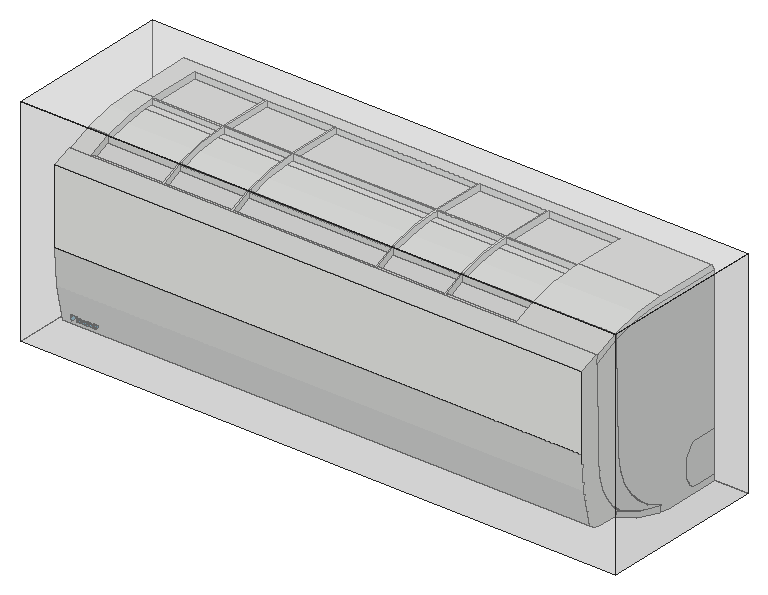
Revit family "outputfile", category 機械設備, Revit 2024
Family settings
  丸型コネクタ寸法 = 半径を使用
  パーツ タイプ = 標準
  OmniClass 番号 = 23.75.10.24.21.27.27
  OmniClass タイトル = Split System Air Conditioning Units
  作業面ベース = いいえ
  常に垂直 = はい
  ロード時にボイドで切り取り = いいえ
  注釈の向きを維持 = いいえ
  共有 = いいえ
  部屋計算ポイント = いいえ
Parameters (values of type "FTKC25TVM4")
  Description = ""
  書き出し IFC クラス(タイプ) = "IfcUnitaryEquipmentType"
  定義済み IFC タイプ(タイプ) = "AIRCONDITIONINGUNIT"
  Cost = 0
  Type Comments = ""
  Keynote = ""
  Type Image = (empty or 0)
  Assembly Code = ""
  w_wall hole = if(Width = 770.0 mm, 48.0 mm, 60.0 mm)  # 48.0 mm
  製造元 = "Daikin"
  モデル = "FTKC25TVM4"
  switch_frequency = yes
  r_Liquid Pipe Size = Liquid Pipe Size / 2  # 3.2 mm
  r_Gas Pipe Size = Gas Pipe Size / 2  # 4.75 mm
  r_Drain Pipe Size = Drain Pipe Size / 2  # 8.0 mm
  lw_powersupply [instance] = if(Width = 770.0 mm, if(or(Rear Right Connection_refrigerant, Bottom Right Connection_refrigerant), 30.0 mm, if(or(Rear Left Connection_refrigerant, Bottom Left Connection_refrigerant), 740.0 mm, 385.0 mm)), if(Width = 990.0 mm, if(or(Rear Right Connection_refrigerant, Bottom Right Connection_refrigerant), 80.0 mm, if(or(Rear Left Connection_refrigerant, Bottom Left Connection_refrigerant), 920.0 mm, 495.0 mm)), if(or(Rear Right Connection_refrigerant, Bottom Right Connection_refrigerant), 80.0 mm, if(or(Rear Left Connection_refrigerant, Bottom Left Connection_refrigerant), 920.0 mm, 495.0 mm))))  # 385.0 mm
  lw_liquidpipe [instance] = if(Width = 770.0 mm, if(or(Rear Right Connection_refrigerant, Bottom Right Connection_refrigerant), 0.0 mm, if(or(Rear Left Connection_refrigerant, Bottom Left Connection_refrigerant), 674.0 mm, 400.0 mm)), if(Width = 990.0 mm, if(or(Rear Right Connection_refrigerant, Bottom Right Connection_refrigerant), 9.0 mm, if(or(Rear Left Connection_refrigerant, Bottom Left Connection_refrigerant), 871.0 mm, 475.0 mm)), if(or(Rear Right Connection_refrigerant, Bottom Right Connection_refrigerant), 9.0 mm, if(or(Rear Left Connection_refrigerant, Bottom Left Connection_refrigerant), 871.0 mm, 475.0 mm))))  # 400.0 mm
  lw_gaspipe [instance] = if(Width = 770.0 mm, if(or(Rear Right Connection_refrigerant, Bottom Right Connection_refrigerant), 0.0 mm, if(or(Rear Left Connection_refrigerant, Bottom Left Connection_refrigerant), 674.0 mm, 350.0 mm)), if(Width = 990.0 mm, if(or(Rear Right Connection_refrigerant, Bottom Right Connection_refrigerant), 0.0 mm, if(or(Rear Left Connection_refrigerant, Bottom Left Connection_refrigerant), 880.0 mm, 400.0 mm)), if(or(Rear Right Connection_refrigerant, Bottom Right Connection_refrigerant), 0.0 mm, if(or(Rear Left Connection_refrigerant, Bottom Left Connection_refrigerant), 880.0 mm, 400.0 mm))))  # 350.0 mm
  lw_drainpipe [instance] = if(Width = 770.0 mm, if(or(Rear Right Connection_refrigerant, Bottom Right Connection_refrigerant), 0.0 mm, if(or(Rear Left Connection_refrigerant, Bottom Left Connection_refrigerant), 674.0 mm, 465.0 mm)), if(Width = 990.0 mm, if(or(Rear Right Connection_refrigerant, Bottom Right Connection_refrigerant), 0.0 mm, if(or(Rear Left Connection_refrigerant, Bottom Left Connection_refrigerant), 880.0 mm, 435.0 mm)), if(or(Rear Right Connection_refrigerant, Bottom Right Connection_refrigerant), 0.0 mm, if(or(Rear Left Connection_refrigerant, Bottom Left Connection_refrigerant), 880.0 mm, 435.0 mm))))  # 465.0 mm
  l_powersupply_length [instance] = if(Width = 770.0 mm, if(Right Connection_refrigerant, 385.0 mm, if(Left Connection_refrigerant, 385.0 mm, if(or(Rear Left Connection_refrigerant, Rear Right Connection_refrigerant), 15.0 mm, 50.0 mm))), if(Width = 990.0 mm, if(Right Connection_refrigerant, 495.0 mm, if(Left Connection_refrigerant, 495.0 mm, if(or(Rear Left Connection_refrigerant, Rear Right Connection_refrigerant), 15.0 mm, 50.0 mm))), if(Right Connection_refrigerant, 495.0 mm, if(Left Connection_refrigerant, 495.0 mm, if(or(Rear Left Connection_refrigerant, Rear Right Connection_refrigerant), 15.0 mm, 50.0 mm)))))  # 385.0 mm
  l_liquidpipe_length [instance] = if(Width = 770.0 mm, if(Right Connection_refrigerant, 448.0 mm, if(Left Connection_refrigerant, 322.0 mm, if(or(Rear Left Connection_refrigerant, Rear Right Connection_refrigerant), 30.0 mm, 40.0 mm))), if(Width = 990.0 mm, if(Right Connection_refrigerant, 535.0 mm, if(Left Connection_refrigerant, 455.0 mm, if(or(Rear Left Connection_refrigerant, Rear Right Connection_refrigerant), 30.0 mm, 40.0 mm))), if(Right Connection_refrigerant, 535.0 mm, if(Left Connection_refrigerant, 455.0 mm, if(or(Rear Left Connection_refrigerant, Rear Right Connection_refrigerant), 30.0 mm, 40.0 mm)))))  # 448.0 mm
  l_gaspipe_length [instance] = if(Width = 770.0 mm, if(Right Connection_refrigerant, 398.0 mm, if(Left Connection_refrigerant, 372.0 mm, if(or(Rear Left Connection_refrigerant, Rear Right Connection_refrigerant), 40.0 mm, 50.0 mm))), if(Width = 990.0 mm, if(Right Connection_refrigerant, 460.0 mm, if(Left Connection_refrigerant, 530.0 mm, if(or(Rear Left Connection_refrigerant, Rear Right Connection_refrigerant), 40.0 mm, 50.0 mm))), if(Right Connection_refrigerant, 460.0 mm, if(Left Connection_refrigerant, 530.0 mm, if(or(Rear Left Connection_refrigerant, Rear Right Connection_refrigerant), 40.0 mm, 50.0 mm)))))  # 398.0 mm
  l_drainpipe_length [instance] = if(Width = 770.0 mm, if(Right Connection_refrigerant, 513.0 mm, if(Left Connection_refrigerant, 257.0 mm, if(or(Rear Left Connection_refrigerant, Rear Right Connection_refrigerant), 15.0 mm, 20.0 mm))), if(Width = 990.0 mm, if(Right Connection_refrigerant, 495.0 mm, if(Left Connection_refrigerant, 495.0 mm, if(or(Rear Left Connection_refrigerant, Rear Right Connection_refrigerant), 15.0 mm, 20.0 mm))), if(Right Connection_refrigerant, 495.0 mm, if(Left Connection_refrigerant, 495.0 mm, if(or(Rear Left Connection_refrigerant, Rear Right Connection_refrigerant), 15.0 mm, 20.0 mm)))))  # 513.0 mm
  h*** = 0.0 mm  # constant formula
  connector_voltage = Voltage_50Hz  # 230 V
  connector_powerinput = [Power Input (Cooling)]  # 0.000 kW
  connector_phase = Phase_50Hz  # 1
  angle_vertical [instance] = if(or(Bottom Left Connection_refrigerant, Bottom Right Connection_refrigerant), 0.00°, 90.00°)  # 90.00°
  angle_horizontal [instance] = if(Right Connection_refrigerant, 90.00°, if(Left Connection_refrigerant, -90.00°, if(or(Rear Left Connection_refrigerant, Rear Right Connection_refrigerant), 180.00°, 0.00°)))  # 90.00°
  Width = 770.0 mm
  Voltage_comment_50Hz = "220 - 240"
  Voltage_50Hz = 230 V
  Version = "ver.1.0"
  Unit Type = "Wall Mounted"
  Unit Mass Weight = 8.00 kg
  Unit Designation [instance] = ""
  Uniclass2015Version = "Products v1.30"
  Uniclass2015Title = "Split coil room air conditioning units"
  Uniclass2015Code = "Pr_70_65_03_86"
  URL = ""
  Total Cooling Capacity [instance] = 0.000 kW
  Sound Pressure Level_M speed (dBA) = 33
  Sound Pressure Level_L speed (dBA) = 25
  Sound Pressure Level_H speed (dBA) = 38
  Sound Power Level_H speed (dB) = 0
  Series = "Single Split_Fan Coil Unit"
  Sensible Cooling Capacity [instance] = 0.000 kW
  Refrigerant Type = "R32"
  Power Input (Cooling) = 0.000 kW
  Phase_50Hz = 1
  Option Accessory 3 [instance] = ""
  Option Accessory 2 [instance] = ""
  Option Accessory 1 [instance] = ""
  Nominal Cooling Capacity = 2.500 kW
  Minimum Circuit Amps_50Hz = 0.0 A
  Minimum Airflow = 324.00 m³/h
  Median Airflow = 456.00 m³/h
  Maximum Fuse Amps_50Hz = 0.0 A
  Maximum Airflow = 564.00 m³/h
  Material_Casing = DAIKIN_PureWhite_Casing_indoorunit
  Load Classification = HVAC
  Liquid Pipe Size = 6.4 mm
  Link_Nested Family [instance] = ""
  IfcVersion = ""
  IfcExportType = "AIRCONDITIONINGUNIT"
  IfcExportAs = "IfcUnitaryEquipmentType"
  Height = 285.0 mm
  Heat Exchanger Type = "Cross Fin Coil"
  Gas Pipe Size = 9.5 mm
  Frequency_50Hz = 50 Hz
  Fan Type = "Cross Flow Fan"
  Fan Drive = "Direct Drive"
  FCU Tag No. [instance] = ""
  Drain Pipe Size = 16.0 mm
  Design Supply Airflow [instance] = 0.00 m³/h
  Depth = 242.0 mm
  既定の高さ = 0.0 mm
  Cooling Entering Wet Bulb Temperature [instance] = 0.00 °C
  Cooling Entering Dry Bulb Temperature [instance] = 0.00 °C
  Cooling Ambient Wet Bulb Temperature [instance] = 0.00 °C
  Cooling Ambient Dry Bulb Temperature [instance] = 0.00 °C
  Clearance visibility [instance] = yes
  Clearance Top = 30.0 mm
  Clearance Right = 50.0 mm
  Clearance Rear = 0.0 mm
  Clearance Left = 50.0 mm
  Clearance Front = 0.0 mm
  Clearance Bottom = 0.0 mm
  Bottom Right Connection_refrigerant [instance] = no
  Bottom Left Connection_refrigerant [instance] = no
  Rear Right Connection_refrigerant [instance] = no
  Rear Left Connection_refrigerant [instance] = no
  Right Connection_refrigerant [instance] = yes
  Left Connection_refrigerant [instance] = no
Reference planes
  plane 1 "Back": y = 0
  plane 2: z = 0
  plane 3 "Center (Left/Right)": x = 0
  plane 4 "Center (Front/Back)": y = -121
  plane 5 "Front": y = -242
  plane 6 "Left": x = -385
  plane 7 "Right": x = 385
  plane 8 "Top": z = 0
  plane 9 "Bottom": z = -285
  plane 10: x = -435
  plane 11: x = 435
  plane 12: y = 0
  plane 13: y = -242
  plane 14: z = 30
  plane 15: z = -285
  plane 16 "lw_Piping and Wiring intake": x = 337
  plane 17 "lw_gaspipe": x = -13
  plane 18 "lw_liquidpipe": x = -63
  plane 19 "lw_drainpipe": x = -128
  plane 20 "lh_drainpipe": z = -265
  plane 21 "lh_liquidpipe": z = -245
  plane 22 "lh_gaspipe": z = -235
  plane 23 "ld_drainpipe": y = -15
  plane 24 "ld_liquidpipe": y = -30
  plane 25 "ld_gaspipe": y = -40
  plane 26 "lw_powersupply": x = 0
Dimensions and locks
  equal spacing: plane 6 "Left", plane 3 "Center (Left/Right)", plane 7 "Right"
  "Width": plane 6 "Left" to plane 7 "Right"
  equal spacing: plane 5 "Front", plane 4 "Center (Front/Back)", plane 1 "Back"
  "Depth": plane 5 "Front" to plane 1 "Back"
  "Height": plane 8 "Top" to plane 9 "Bottom"
  "Clearance Rear": plane 12 to plane 1 "Back"
  "Clearance Front": plane 13 to plane 5 "Front"
  "Clearance Top": plane 14 to plane 8 "Top"
  "Clearance Bottom": plane 9 "Bottom" to plane 15
  "w_wall hole": plane 16 "lw_Piping and Wiring intake" to plane 7 "Right"
  "lw_gaspipe": plane 17 "lw_gaspipe" to plane 16 "lw_Piping and Wiring intake"
  "lw_liquidpipe": plane 18 "lw_liquidpipe" to plane 16 "lw_Piping and Wiring intake"
  "lw_drainpipe": plane 19 "lw_drainpipe" to plane 16 "lw_Piping and Wiring intake"
  locked: plane 20 "lh_drainpipe" to plane 9 "Bottom" at 20
  locked: plane 21 "lh_liquidpipe" to plane 9 "Bottom" at 40
  locked: plane 22 "lh_gaspipe" to plane 9 "Bottom" at 50
  locked: plane 23 "ld_drainpipe" to plane 1 "Back" at 15
  locked: plane 1 "Back" to plane 24 "ld_liquidpipe" at 30
  locked: plane 1 "Back" to plane 25 "ld_gaspipe" at 40
  "lw_powersupply": plane 26 "lw_powersupply" to plane 7 "Right"
  "Clearance Right": plane 7 "Right" to plane 11
  "Clearance Left": plane 10 to plane 6 "Left"
  aligned and locked: level to plane 2
  aligned and locked: plane 12 to nested 1
  aligned and locked: nested 1 to plane 13
  aligned and locked: plane 10 to nested 1
  aligned and locked: plane 11 to nested 1
  aligned and locked: plane 15 to nested 1
  aligned and locked: plane 14 to nested 1
  aligned and locked: plane 17 "lw_gaspipe" to nested 2
  aligned and locked: nested 2 to plane 25 "ld_gaspipe"
  aligned and locked: plane 18 "lw_liquidpipe" to nested 3
  aligned and locked: nested 3 to plane 24 "ld_liquidpipe"
  aligned and locked: plane 19 "lw_drainpipe" to nested 4
  aligned and locked: nested 4 to plane 23 "ld_drainpipe"
  aligned and locked: nested 5 to plane 23 "ld_drainpipe"
  aligned and locked: plane 26 "lw_powersupply" to nested 5
  aligned and locked: level to plane 8 "Top"
  aligned and locked: plane 3 "Center (Left/Right)" to nested 6
  aligned and locked: plane 8 "Top" to nested 6
  aligned and locked: plane 1 "Back" to nested 6
Nested families
  nested 1: "daikin_clearancespace" at (0, -121, -127.381), show <- "Clearance visibility", visible <- "Clearance visibility", Link_Nested Family <- "Link_Nested Family", type "daikin_clearancespace"
    with width 870.0 mm, show yes, height 315.0 mm, depth 242.0 mm, Link_Nested Family ""
  nested 2: "daikin_connector_rotate3" at (-13, -40, -235), angle_vertical <- "angle_vertical", angle_horizontal <- "angle_horizontal", length <- "l_gaspipe_length", radius <- "r_Gas Pipe Size", type "daikin_connector_rotate3"
    with show no, radius 4.75 mm, length 398.0 mm, angle_vertical 90.00°, angle_horizontal 90.00°
  nested 3: "daikin_connector_rotate3" at (-63, -30, -245), angle_vertical <- "angle_vertical", angle_horizontal <- "angle_horizontal", radius <- "r_Liquid Pipe Size", length <- "l_liquidpipe_length", type "daikin_connector_rotate3"
    with show no, radius 3.2 mm, length 448.0 mm, angle_vertical 90.00°, angle_horizontal 90.00°
  nested 4: "daikin_connector_rotate3" at (-128, -15, -265), angle_vertical <- "angle_vertical", angle_horizontal <- "angle_horizontal", length <- "l_drainpipe_length", radius <- "r_Drain Pipe Size", type "daikin_connector_rotate3"
    with show no, radius 8.0 mm, length 513.0 mm, angle_vertical 90.00°, angle_horizontal 90.00°
  nested 5: "daikin_connector_rotate3" at (0, -15, -235), angle_vertical <- "angle_vertical", angle_horizontal <- "angle_horizontal", length <- "l_powersupply_length", type "daikin_connector_rotate3"
    with show no, radius 10.0 mm, length 385.0 mm, angle_vertical 90.00°, angle_horizontal 90.00°
  nested 6: "DAIKIN_indoorunit_FTKC-TVM4" at (-31, 0, 0), type "FTKC-TVM4"
Connectors
  piping at (385, -40, -235), diameter 9.5, driven by "r_Gas Pipe Size"
    settings: on nested 2, index 1, connector inside diameter 609.6 mm, connector length 0.0 mm, flow factor 0, pipe flow 0.00 m³/h, pressure drop 0.0 Pa, fitting loss kfactor 0, connector angle 0.00°, fixture units 0, engagement length 0.0 mm, angle of deflection 0.00°, flow configuration 1, flow direction 2, fitting loss method 0, system type 29, joint type 0, gender type 0, connector reference index -1, connector utility 0, adjustable connector no, is connector primary yes, connector description "Refrigerant Gas Piping"
  piping at (385, -30, -245), diameter 6.4, driven by "r_Liquid Pipe Size"
    settings: on nested 3, index 2, connector inside diameter 609.6 mm, connector length 0.0 mm, flow factor 0, pipe flow 0.00 m³/h, pressure drop 0.0 Pa, fitting loss kfactor 0, connector angle 0.00°, fixture units 0, engagement length 0.0 mm, angle of deflection 0.00°, flow configuration 1, flow direction 1, fitting loss method 0, system type 29, joint type 0, gender type 0, connector reference index -1, connector utility 0, adjustable connector no, is connector primary no, connector description "Refrigerant Liquid Piping"
  piping at (385, -15, -265), diameter 16, driven by "r_Drain Pipe Size"
    settings: on nested 4, index 3, connector inside diameter 609.6 mm, connector length 0.0 mm, flow factor 0, pipe flow 0.00 m³/h, pressure drop 0.0 Pa, fitting loss kfactor 0, connector angle 0.00°, fixture units 0, engagement length 0.0 mm, angle of deflection 0.00°, flow configuration 1, flow direction 2, fitting loss method 4, system type 16, joint type 0, gender type 0, connector reference index -1, connector utility 0, adjustable connector no, is connector primary no, connector description "Condensate Drain Piping"
  electrical at (385, -15, -235), driven by "Load Classification", driven by "connector_voltage", driven by "connector_powerinput", driven by "connector_phase"
    settings: on nested 5, index 4, voltage 230 V, apparent load 0 VA, apparent load phase1 0 VA, apparent load phase2 0 VA, apparent load phase3 0 VA, power factor 1, load classification "HVAC", number of poles 1, system type 30, power factor state 1, is connector primary yes, connector utility no, sub classification motor no, connector description "Power Supply"
Definition of nested family "daikin_clearancespace"
  Parameters (values of type "daikin_clearancespace")
    Description = "daikin_clearancespace"
    width [instance] = 1823.963 mm
    show [instance] = yes
    material = none
    height [instance] = 1359.762 mm
    depth [instance] = 880.0 mm
    Default Elevation = 0.0 mm
    Link_Nested Family [instance] = ""
  Reference planes
    plane 1 "Center (Front/Back)": y = 0
    plane 2 "Center (Elevation)": z = -0.119
    plane 3 "Center (Left/Right)": x = 0
    plane 4: y = 440
    plane 5: y = -440
    plane 6 "Right": x = 911.982
    plane 7 "Left": x = -911.982
    plane 8 "Top": z = 679.762
    plane 9 "Bottom": z = -680
  Forms (mm)
    Extrusion 1, solid, material <- "material", visible <- "show"
      sketch origin (0, 0, 0) x (1, 0, 0) y (0, 1, 0)
        loop
          line (-911.982, 440) -> (-911.982, -440) -> (911.982, -440) -> (911.982, 440) -> (-911.982, 440)
      from -680 to 679.762
  Lines and regions (mm)
    symbolic lines, visible <- "show"
      curve 1: line (911.982, 440, 0) -> (-911.982, 440, 0)
      curve 2: line (-911.982, 440, 0) -> (-911.982, -440, 0)
      curve 3: line (-911.982, -440, 0) -> (911.982, -440, 0)
      curve 4: line (911.982, -440, 0) -> (911.982, 440, 0)
      curve 5: line (911.982, 0, 679.762) -> (-911.982, 0, 679.762)
      curve 6: line (911.982, 0, -680) -> (911.982, 0, 679.762)
      curve 7: line (-911.982, 0, -680) -> (911.982, 0, -680)
      curve 8: line (-911.982, 0, 679.762) -> (-911.982, 0, -680)
      curve 9: line (0, 440, 679.762) -> (0, -440, 679.762)
      curve 10: line (0, -440, 679.762) -> (0, -440, -680)
      curve 11: line (0, 440, -680) -> (0, 440, 679.762)
      curve 12: line (0, -440, -680) -> (0, 440, -680)
  Dimensions and locks
    "width": plane 7 "Left" to plane 6 "Right"
    "depth": plane 4 to plane 5
    "height": plane 8 "Top" to plane 9 "Bottom"
    equal spacing: plane 7 "Left", plane 3 "Center (Left/Right)", plane 6 "Right"
    equal spacing: plane 4, plane 1 "Center (Front/Back)", plane 5
    equal spacing: plane 8 "Top", plane 2 "Center (Elevation)", plane 9 "Bottom"
    aligned and locked: level to plane 2 "Center (Elevation)"
    aligned and locked: Extrusion 1 sketch curve to plane 4
    aligned and locked: plane 7 "Left" to Extrusion 1 sketch curve
    aligned and locked: Extrusion 1 sketch curve to plane 5
    aligned and locked: Extrusion 1 sketch curve to plane 6 "Right"
    aligned and locked: plane 8 "Top" to Extrusion 1
    aligned and locked: curve 1 to Extrusion 1
    aligned and locked: curve 2 to Extrusion 1
    aligned and locked: curve 3 to Extrusion 1
    aligned and locked: curve 4 to Extrusion 1
    aligned and locked: curve 5 to Extrusion 1
    aligned and locked: curve 6 to Extrusion 1
    aligned and locked: curve 7 to Extrusion 1
    aligned and locked: curve 8 to Extrusion 1
    aligned and locked: curve 9 to Extrusion 1
    aligned and locked: curve 10 to Extrusion 1
    aligned and locked: curve 11 to Extrusion 1
    aligned and locked: curve 12 to Extrusion 1
    aligned and locked: Extrusion 1 to plane 9 "Bottom"
Definition of nested family "DAIKIN_indoorunit_FTKC-TVM4"
  Parameters (values of type "FTKC-TVM4")
    switch_unit1_50-71 = Width = 990.0 mm  # no
    switch_unit1_15-35 = Width = 770.0 mm  # yes
    Width = 770.0 mm
    Material_Casing = none
    Height = if(Width = 770.0 mm, 285.0 mm, 295.0 mm)  # 285.0 mm
    Default Elevation = 0.0 mm
  Reference planes
    plane 1 "Center (Front/Back)": y = 0
    plane 2 "reference_level": z = 0
    plane 3 "Center (Left/Right)": x = 31
    plane 4: x = -354
    plane 5: x = 416
    plane 6: y = -242
    plane 7: z = -285
    plane 8: x = -464
    plane 9: x = 526
    plane 10: y = -281
    plane 11: z = -295
  Forms (mm)
    Extrusion 1, solid, material <- "Material_Casing", visible <- "switch_unit1_15-35"
      sketch origin (31, 0, 0) x (0, 1, 0) y (0, 0, 1)
        loop
          line (-181.516, -252.416) -> (-177.432, -245.341)
          arc (-177.432, -245.341) -> (-187.602, -234.721) -> (-196.157, -222.761) r 103
          arc (-196.157, -222.761) -> (-204.858, -204.875) -> (-209.959, -185.65) r 103
          arc (-209.959, -185.65) -> (-211.672, -172.918) -> (-212.646, -160.108) r 222
          arc (-212.646, -160.108) -> (-214.738, -92.842) -> (-214.74, -25.543) r 2166.704
          line (-214.74, -25.543) -> (-242, -36.1) -> (-242, -144.253)
          arc (-242, -144.253) -> (-238.127, -195.07) -> (-226.597, -244.714) r 335.315
          arc (-226.597, -244.714) -> (-218.704, -249.531) -> (-209.718, -251.715) r 30
          arc (-209.718, -251.715) -> (-195.628, -252.481) -> (-181.516, -252.416) r 239.767
      from -385 to 385
    Extrusion 2, solid, material <- "Material_Casing", visible <- "switch_unit1_15-35"
      sketch origin (31, 0, 0) x (0, 1, 0) y (0, 0, 1)
        loop
          line (0, -8.5) -> (-113.618, -8.5)
          arc (-113.618, -8.5) -> (-146.846, -12.967) -> (-179.138, -21.983) r 242
          arc (-179.138, -21.983) -> (-179.047, -97.761) -> (-175.674, -173.465) r 1749.053
          arc (-175.674, -173.465) -> (-151.972, -235.488) -> (-97.504, -273.461) r 112.896
          line (-97.504, -273.461) -> (-97.504, -283.03)
          arc (-97.504, -283.03) -> (-89.849, -284.138) -> (-82.162, -285) r 240
          line (-82.162, -285) -> (0, -285) -> (0, -8.5)
      from -385 to 385
    Extrusion 3, solid, material <- "Material_Casing", visible <- "switch_unit1_15-35"
      sketch origin (31, 0, 0) x (0, 1, 0) y (0, 0, 1)
        loop
          arc (-98, 0) -> (-139.118, -3.405) -> (-179.116, -13.525) r 250
          arc (-179.116, -13.525) -> (-179.134, -17.754) -> (-179.138, -21.983) r 1232.815
          arc (-179.138, -21.983) -> (-146.846, -12.967) -> (-113.618, -8.5) r 242
          line (-113.618, -8.5) -> (0, -8.5) -> (-5, 0) -> (-98, 0)
      from -385 to 385
    Extrusion 4, solid, material <- "Material_Casing", visible <- "switch_unit1_15-35"
      sketch origin (31, 0, 0) x (0, 1, 0) y (0, 0, 1)
        loop
          arc (-179.116, -13.525) -> (-196.73, -20.321) -> (-213.781, -28.427) r 250
          arc (-213.781, -28.427) -> (-213.841, -32.971) -> (-213.891, -37.516) r 2163.952
          arc (-213.891, -37.516) -> (-196.821, -29.065) -> (-179.138, -21.983) r 242
          arc (-179.138, -21.983) -> (-179.134, -17.754) -> (-179.116, -13.525) r 1232.815
      from -385 to 385
    Extrusion 5, solid, material <- "Material_Casing", visible <- "switch_unit1_15-35"
      sketch origin (31, 0, 0) x (0, 1, 0) y (0, 0, 1)
        loop
          arc (-179.138, -21.983) -> (-196.821, -29.065) -> (-213.891, -37.516) r 242
          arc (-213.891, -37.516) -> (-213.638, -98.737) -> (-211.653, -159.927) r 2163.952
          arc (-211.653, -159.927) -> (-210.685, -172.747) -> (-208.973, -185.489) r 221
          arc (-208.973, -185.489) -> (-197.132, -219.133) -> (-174.432, -246.644) r 102
          arc (-174.432, -246.644) -> (-137.432, -263.767) -> (-98, -274.128) r 231.303
          line (-98, -274.128) -> (-98, -273.301)
          arc (-98, -273.301) -> (-152.132, -235.283) -> (-175.674, -173.465) r 112.896
          arc (-175.674, -173.465) -> (-179.047, -97.761) -> (-179.138, -21.983) r 1749.053
      from -385 to 385
    Extrusion 6, solid, material <- "Material_Casing", visible <- "switch_unit1_15-35"
      sketch origin (31, 0, 0) x (0, 1, 0) y (0, 0, 1)
        loop
          arc (-99, -274.668) -> (-139.156, -263.909) -> (-176.747, -246.156) r 232
          line (-176.747, -246.156) -> (-180.748, -253.084)
          arc (-180.748, -253.084) -> (-141.23, -271.668) -> (-99, -282.784) r 240
          line (-99, -282.784) -> (-99, -274.668)
      from 334 to 385
    Extrusion 7, solid, material <- "Material_Casing", visible <- "switch_unit1_15-35"
      sketch origin (31, 0, 0) x (0, 1, 0) y (0, 0, 1)
        loop
          arc (-99, -274.668) -> (-139.156, -263.909) -> (-176.747, -246.156) r 232
          line (-176.747, -246.156) -> (-180.748, -253.084)
          arc (-180.748, -253.084) -> (-141.23, -271.668) -> (-99, -282.784) r 240
          line (-99, -282.784) -> (-99, -274.668)
      from 267 to 333
    Extrusion 8, solid, material <- "Material_Casing", visible <- "switch_unit1_15-35"
      sketch origin (31, 0, 0) x (0, 1, 0) y (0, 0, 1)
        loop
          arc (-99, -274.668) -> (-139.156, -263.909) -> (-176.747, -246.156) r 232
          line (-176.747, -246.156) -> (-180.748, -253.084)
          arc (-180.748, -253.084) -> (-141.23, -271.668) -> (-99, -282.784) r 240
          line (-99, -282.784) -> (-99, -274.668)
      from -385 to -338.5
    Extrusion 9, solid, material <- "Material_Casing", visible <- "switch_unit1_15-35"
      sketch origin (31, 0, 0) x (0, 1, 0) y (0, 0, 1)
        loop
          arc (-118.787, -270.332) -> (-148.589, -260.214) -> (-176.747, -246.156) r 232
          line (-176.747, -246.156) -> (-180.748, -253.084)
          arc (-180.748, -253.084) -> (-152.638, -267.191) -> (-122.926, -277.5) r 240
          line (-122.926, -277.5) -> (-118.787, -270.332)
      from -335.5 to 264.6
    Extrusion 10, solid, material <- "Material_Casing", visible <- "switch_unit1_15-35"
      sketch origin (31, 0, 0) x (0, 1, 0) y (0, 0, 1)
        loop
          line (0, -276.246) -> (0, -216.246) -> (-30, -216.246)
          arc (-30, -216.246) -> (-44.142, -222.104) -> (-50, -236.246) r 20
          line (-50, -236.246) -> (-50, -256.246)
          arc (-50, -256.246) -> (-44.142, -270.388) -> (-30, -276.246) r 20
          line (-30, -276.246) -> (0, -276.246)
      from 380 to 385
    Extrusion 11, solid, material <- "Material_Casing", visible <- "switch_unit1_15-35"
      sketch origin (-734, 0, 0) x (0, 1, 0) y (0, 0, 1)
        loop
          line (0, -276.246) -> (0, -216.246) -> (-30, -216.246)
          arc (-30, -216.246) -> (-44.142, -222.104) -> (-50, -236.246) r 20
          line (-50, -236.246) -> (-50, -256.246)
          arc (-50, -256.246) -> (-44.142, -270.388) -> (-30, -276.246) r 20
          line (-30, -276.246) -> (0, -276.246)
      from 380 to 385
    Extrusion 12, solid, material <- "Material_Casing", visible <- "switch_unit1_15-35"
      sketch origin (4267.2, -957.059, -285) x (0, -1, 0) y (1, 0, 0)
        loop
          line (-957.059, -4610.2) -> (-927.059, -4610.2)
          arc (-927.059, -4610.2) -> (-912.917, -4604.342) -> (-907.059, -4590.2) r 20
          line (-907.059, -4590.2) -> (-907.059, -4570.2)
          arc (-907.059, -4570.2) -> (-912.917, -4556.058) -> (-927.059, -4550.2) r 20
          line (-927.059, -4550.2) -> (-957.059, -4550.2) -> (-957.059, -4610.2)
        loop
          line (-957.059, -3922.2) -> (-927.059, -3922.2)
          arc (-927.059, -3922.2) -> (-912.917, -3916.342) -> (-907.059, -3902.2) r 20
          line (-907.059, -3902.2) -> (-907.059, -3882.2)
          arc (-907.059, -3882.2) -> (-912.917, -3868.058) -> (-927.059, -3862.2) r 20
          line (-927.059, -3862.2) -> (-957.059, -3862.2) -> (-957.059, -3922.2)
      from 0 to 5
    Extrusion 13, solid, material <- "Material_Casing", visible <- "switch_unit1_15-35"
      sketch origin (0, 0, 0) x (1, 0, 0) y (0, 0, 1)
        loop
          circle (-306, -240.5) r 32.5
        loop
          circle (368, -240.5) r 32.5
      from 0 to 5
    Extrusion 14, void
      sketch origin (0, 0, 0) x (1, 0, 0) y (0, 1, 0)
        loop
          line (-324.5, -23.5) -> (-324.5, -100) -> (-221, -100) -> (-221, -23.5) -> (-324.5, -23.5)
        loop
          line (-324.5, -102) -> (-324.5, -180.5) -> (-221, -180.5) -> (-221, -102) -> (-324.5, -102)
        loop
          line (-221, -181.5) -> (-324.5, -181.5) -> (-324.5, -210) -> (-221, -210) -> (-221, -181.5)
        loop
          line (-219, -23.5) -> (-219, -100) -> (-120, -100) -> (-120, -23.5) -> (-219, -23.5)
        loop
          line (-219, -102) -> (-219, -180.5) -> (-120, -180.5) -> (-120, -102) -> (-219, -102)
        loop
          line (-120, -181.5) -> (-219, -181.5) -> (-219, -210) -> (-120, -210) -> (-120, -181.5)
        loop
          line (92, -23.5) -> (92, -100) -> (191, -100) -> (191, -23.5) -> (92, -23.5)
        loop
          line (92, -102) -> (92, -180.5) -> (191, -180.5) -> (191, -102) -> (92, -102)
        loop
          line (191, -181.5) -> (92, -181.5) -> (92, -210) -> (191, -210) -> (191, -181.5)
        loop
          line (193, -23.5) -> (193, -100) -> (296.5, -100) -> (296.5, -23.5) -> (193, -23.5)
        loop
          line (193, -102) -> (193, -180.5) -> (296.5, -180.5) -> (296.5, -102) -> (193, -102)
        loop
          line (296.5, -181.5) -> (193, -181.5) -> (193, -210) -> (296.5, -210) -> (296.5, -181.5)
        loop
          line (-118, -23.5) -> (-118, -100) -> (90, -100) -> (90, -23.5) -> (-118, -23.5)
        loop
          line (-118, -102) -> (-118, -180.5) -> (90, -180.5) -> (90, -102) -> (-118, -102)
        loop
          line (-118, -181.5) -> (-118, -210) -> (90, -210) -> (90, -181.5) -> (-118, -181.5)
      from -45.568 to 39.59
    Extrusion 15, solid, material <- "Material_Casing", visible <- "switch_unit1_50-71"
      sketch origin (31, 0, 0) x (0, 1, 0) y (0, 0, 1)
        loop
          line (-219.505, -253.208) -> (-214.063, -245.993)
          arc (-214.063, -245.993) -> (-226.305, -232.688) -> (-235.972, -217.41) r 100.737
          arc (-235.972, -217.41) -> (-246.359, -189.681) -> (-251.069, -160.448) r 149.292
          arc (-251.069, -160.448) -> (-253.267, -112.746) -> (-254, -65) r 1555.387
          line (-254, -65) -> (-254, -22.209) -> (-280.96, -32.522) -> (-281, -65.309)
          arc (-281, -65.309) -> (-280.275, -112.896) -> (-278.119, -160.439) r 1582.495
          arc (-278.119, -160.439) -> (-274.11, -202.042) -> (-267, -243.228) r 558.201
          arc (-267, -243.228) -> (-249.058, -250.67) -> (-229.801, -253.208) r 74.313
          line (-229.801, -253.208) -> (-219.505, -253.208)
      from -495 to 495
    Extrusion 16, solid, material <- "Material_Casing", visible <- "switch_unit1_50-71"
      sketch origin (31, 0, 0) x (0, 1, 0) y (0, 0, 1)
        loop
          arc (-100.5, -284.747) -> (-179.919, -239.801) -> (-212.343, -154.5) r 134.438
          arc (-212.343, -154.5) -> (-213.586, -109.758) -> (-214, -65) r 2418.229
          line (-214, -65) -> (-214, -20.481)
          arc (-214, -20.481) -> (-233.83, -27.507) -> (-253, -36.176) r 250
          line (-253, -36.176) -> (-253, -65)
          arc (-253, -65) -> (-252.267, -112.716) -> (-250.07, -160.386) r 1554.382
          arc (-250.07, -160.386) -> (-245.365, -189.53) -> (-234.983, -217.165) r 148.387
          arc (-234.983, -217.165) -> (-218.057, -240.73) -> (-195.079, -258.444) r 100
          arc (-195.079, -258.444) -> (-149.468, -277.868) -> (-100.5, -285.595) r 201.939
          line (-100.5, -285.595) -> (-100.5, -284.747)
      from -495 to 495
    Extrusion 17, solid, material <- "Material_Casing", visible <- "switch_unit1_50-71"
      sketch origin (31, 0, 0) x (0, 1, 0) y (0, 0, 1)
        loop
          arc (-214, -65) -> (-213.586, -109.758) -> (-212.343, -154.5) r 2418.229
          arc (-212.343, -154.5) -> (-178.254, -241.703) -> (-95.5, -285.502) r 134.438
          line (-95.5, -285.502) -> (-95.5, -295) -> (0, -295) -> (0, -9) -> (-140.5, -9)
          arc (-140.5, -9) -> (-177.696, -11.888) -> (-214, -20.481) r 241
          line (-214, -20.481) -> (-214, -65)
      from -495 to 495
    Extrusion 18, solid, material <- "Material_Casing", visible <- "switch_unit1_50-71"
      sketch origin (31, 0, 0) x (0, 1, 0) y (0, 0, 1)
        loop
          line (-213.317, -246.664) -> (-219.196, -254.466)
          arc (-219.196, -254.466) -> (-168.535, -282.168) -> (-112.23, -294.964) r 209.168
          arc (-112.23, -294.964) -> (-111.806, -294.991) -> (-111.381, -295) r 10
          line (-111.381, -295) -> (-96.5, -295) -> (-96.5, -286) -> (-111.136, -286)
          arc (-111.136, -286) -> (-154.838, -277.36) -> (-195.568, -259.316) r 201.22
          arc (-195.568, -259.316) -> (-204.785, -253.47) -> (-213.317, -246.664) r 101
      from 445 to 495
    Extrusion 19, solid, material <- "Material_Casing", visible <- "switch_unit1_50-71"
      sketch origin (-464, 2327.908, 1200) x (0, 1, 0) y (0, 0, 1)
        loop
          line (-2541.225, -1446.664) -> (-2547.104, -1454.466)
          arc (-2547.104, -1454.466) -> (-2496.443, -1482.168) -> (-2440.138, -1494.964) r 209.168
          arc (-2440.138, -1494.964) -> (-2439.714, -1494.991) -> (-2439.289, -1495) r 10
          line (-2439.289, -1495) -> (-2424.408, -1495) -> (-2424.408, -1486) -> (-2439.044, -1486)
          arc (-2439.044, -1486) -> (-2482.746, -1477.36) -> (-2523.476, -1459.316) r 201.22
          arc (-2523.476, -1459.316) -> (-2532.693, -1453.47) -> (-2541.225, -1446.664) r 101
      from 0 to 45
    Extrusion 20, solid, material <- "Material_Casing", visible <- "switch_unit1_50-71"
      sketch origin (31, 0, 0) x (0, 1, 0) y (0, 0, 1)
        loop
          line (-213.317, -246.664) -> (-219.196, -254.466)
          arc (-219.196, -254.466) -> (-168.535, -282.168) -> (-112.23, -294.964) r 209.168
          arc (-112.23, -294.964) -> (-111.806, -294.991) -> (-111.381, -295) r 10
          line (-111.381, -295) -> (-96.5, -295) -> (-96.5, -286) -> (-111.136, -286)
          arc (-111.136, -286) -> (-154.838, -277.36) -> (-195.568, -259.316) r 201.22
          arc (-195.568, -259.316) -> (-204.785, -253.47) -> (-213.317, -246.664) r 101
      from 348 to 444
    Extrusion 21, solid, material <- "Material_Casing", visible <- "switch_unit1_50-71"
      sketch origin (31, 0, 0) x (0, 1, 0) y (0, 0, 1)
        loop
          line (-213.317, -246.664) -> (-219.196, -254.466)
          arc (-219.196, -254.466) -> (-180.878, -277.039) -> (-138.653, -291) r 209.168
          line (-138.653, -291) -> (-132.632, -283.01)
          arc (-132.632, -283.01) -> (-165.097, -273.811) -> (-195.568, -259.316) r 201.22
          arc (-195.568, -259.316) -> (-204.785, -253.47) -> (-213.317, -246.664) r 101
      from -442 to 343
    Extrusion 22, solid, material <- "Material_Casing", visible <- "switch_unit1_50-71"
      sketch origin (31, 0, 0) x (0, 1, 0) y (0, 0, 1)
        loop
          arc (-214, -11.049) -> (-233.83, -18.074) -> (-253, -26.743) r 250
          line (-253, -26.743) -> (-253, -36.176)
          arc (-253, -36.176) -> (-233.83, -27.507) -> (-214, -20.481) r 250
          line (-214, -20.481) -> (-214, -11.049)
      from -495 to 495
    Extrusion 23, solid, material <- "Material_Casing", visible <- "switch_unit1_50-71"
      sketch origin (31, 0, 0) x (0, 1, 0) y (0, 0, 1)
        loop
          arc (-140.5, 0) -> (-177.663, -2.778) -> (-214, -11.049) r 250
          line (-214, -11.049) -> (-214, -20.481)
          arc (-214, -20.481) -> (-177.696, -11.888) -> (-140.5, -9) r 241
          line (-140.5, -9) -> (0, -9) -> (-5, 0) -> (-140.5, 0)
      from -495 to 495
    Extrusion 24, void
      sketch origin (0, 0, 0) x (1, 0, 0) y (0, 1, 0)
        loop
          line (-434, -22.7) -> (-434, -107.9) -> (-332, -107.9) -> (-332, -22.7) -> (-434, -22.7)
        loop
          line (-332, -116.9) -> (-434, -116.9) -> (-434, -183.4) -> (-332, -183.4) -> (-332, -116.9)
        loop
          line (-332, -187.9) -> (-434, -187.9) -> (-434, -231.9) -> (-332, -231.9) -> (-332, -187.9)
        loop
          line (-327.8, -22.7) -> (-327.8, -107.9) -> (-229.6, -107.9) -> (-229.6, -22.7) -> (-327.8, -22.7)
        loop
          line (-229.6, -116.9) -> (-327.8, -116.9) -> (-327.8, -183.4) -> (-229.6, -183.4) -> (-229.6, -116.9)
        loop
          line (-229.6, -187.9) -> (-327.8, -187.9) -> (-327.8, -231.9) -> (-229.6, -231.9) -> (-229.6, -187.9)
        loop
          line (-225.4, -22.7) -> (-225.4, -107.9) -> (-127.2, -107.9) -> (-127.2, -22.7) -> (-225.4, -22.7)
        loop
          line (-127.2, -116.9) -> (-225.4, -116.9) -> (-225.4, -183.4) -> (-127.2, -183.4) -> (-127.2, -116.9)
        loop
          line (-127.2, -187.9) -> (-225.4, -187.9) -> (-225.4, -231.9) -> (-127.2, -231.9) -> (-127.2, -187.9)
        loop
          line (-123, -22.7) -> (-123, -107.9) -> (-26, -107.9) -> (-26, -22.7) -> (-123, -22.7)
        loop
          line (-26, -116.9) -> (-123, -116.9) -> (-123, -183.4) -> (-26, -183.4) -> (-26, -116.9)
        loop
          line (-26, -187.9) -> (-123, -187.9) -> (-123, -231.9) -> (-26, -231.9) -> (-26, -187.9)
        loop
          line (396, -22.7) -> (294, -22.7) -> (294, -107.9) -> (396, -107.9) -> (396, -22.7)
        loop
          line (294, -116.9) -> (294, -183.4) -> (396, -183.4) -> (396, -116.9) -> (294, -116.9)
        loop
          line (294, -187.9) -> (294, -231.9) -> (396, -231.9) -> (396, -187.9) -> (294, -187.9)
        loop
          line (289.8, -22.7) -> (191.6, -22.7) -> (191.6, -107.9) -> (289.8, -107.9) -> (289.8, -22.7)
        loop
          line (191.6, -116.9) -> (191.6, -183.4) -> (289.8, -183.4) -> (289.8, -116.9) -> (191.6, -116.9)
        loop
          line (191.6, -187.9) -> (191.6, -231.9) -> (289.8, -231.9) -> (289.8, -187.9) -> (191.6, -187.9)
        loop
          line (187.4, -22.7) -> (89.2, -22.7) -> (89.2, -107.9) -> (187.4, -107.9) -> (187.4, -22.7)
        loop
          line (89.2, -116.9) -> (89.2, -183.4) -> (187.4, -183.4) -> (187.4, -116.9) -> (89.2, -116.9)
        loop
          line (89.2, -187.9) -> (89.2, -231.9) -> (187.4, -231.9) -> (187.4, -187.9) -> (89.2, -187.9)
        loop
          line (85, -22.7) -> (-12, -22.7) -> (-12, -107.9) -> (85, -107.9) -> (85, -22.7)
        loop
          line (-12, -116.9) -> (-12, -183.4) -> (85, -183.4) -> (85, -116.9) -> (-12, -116.9)
        loop
          line (-12, -187.9) -> (-12, -231.9) -> (85, -231.9) -> (85, -187.9) -> (-12, -187.9)
      from -47.376 to 34.635
    Extrusion 25, solid, material <- "Material_Casing", visible <- "switch_unit1_50-71"
      sketch origin (31, 0, 0) x (0, 1, 0) y (0, 0, 1)
        loop
          line (0, -287) -> (0, -214.4) -> (-35.8, -214.4)
          arc (-35.8, -214.4) -> (-52.771, -221.429) -> (-59.8, -238.4) r 24
          line (-59.8, -238.4) -> (-59.8, -263)
          arc (-59.8, -263) -> (-52.771, -279.971) -> (-35.8, -287) r 24
          line (-35.8, -287) -> (0, -287)
      from 490 to 495
    Extrusion 26, solid, material <- "Material_Casing", visible <- "switch_unit1_50-71"
      sketch origin (-954, 0, 0) x (0, 1, 0) y (0, 0, 1)
        loop
          line (0, -287) -> (0, -214.4) -> (-35.8, -214.4)
          arc (-35.8, -214.4) -> (-52.771, -221.429) -> (-59.8, -238.4) r 24
          line (-59.8, -238.4) -> (-59.8, -263)
          arc (-59.8, -263) -> (-52.771, -279.971) -> (-35.8, -287) r 24
          line (-35.8, -287) -> (0, -287)
      from 490 to 495
    Extrusion 27, solid, material <- "Material_Casing", visible <- "switch_unit1_50-71"
      sketch origin (0, 0, 0) x (1, 0, 0) y (0, 0, 1)
        loop
          circle (-416, -250.5) r 40
        loop
          circle (466, -250.5) r 40
      from 0 to 5
    Extrusion 28, solid, material <- "Material_Casing", visible <- "switch_unit1_50-71"
      sketch origin (4267.2, -957.059, -295) x (0, -1, 0) y (1, 0, 0)
        loop
          line (-957.059, -4705) -> (-921.259, -4705)
          arc (-921.259, -4705) -> (-904.289, -4697.971) -> (-897.259, -4681) r 24
          line (-897.259, -4681) -> (-897.259, -4656.4)
          arc (-897.259, -4656.4) -> (-904.289, -4639.429) -> (-921.259, -4632.4) r 24
          line (-921.259, -4632.4) -> (-957.059, -4632.4) -> (-957.059, -4705)
        loop
          line (-957.059, -3840) -> (-921.259, -3840)
          arc (-921.259, -3840) -> (-904.289, -3832.971) -> (-897.259, -3816) r 24
          line (-897.259, -3816) -> (-897.259, -3791.4)
          arc (-897.259, -3791.4) -> (-904.289, -3774.429) -> (-921.259, -3767.4) r 24
          line (-921.259, -3767.4) -> (-957.059, -3767.4) -> (-957.059, -3840)
      from 0 to 5
  Cuts and joins
    Extrusion 14 cuts Extrusion 4
    Extrusion 14 cuts Extrusion 3
    Extrusion 24 cuts Extrusion 22
    joined: Extrusion 16, Extrusion 22
    Extrusion 24 cuts Extrusion 23
    joined: Extrusion 17, Extrusion 23
  Dimensions and locks
    plane 4 to plane 5 = 770.0 mm
    equal spacing: plane 4, plane 3 "Center (Left/Right)", plane 5
    plane 6 to plane 1 "Center (Front/Back)" = 242.0 mm
    level to plane 7 = 285.0 mm
    locked: Extrusion 13 sketch curve to plane 4 at 48
    locked: plane 5 to Extrusion 13 sketch curve at 48
    locked: Extrusion 13 sketch curve to plane 7 at 44.5  (x2)
    locked: nested 1 to plane 4 at 15
    plane 8 to plane 9 = 990.0 mm
    equal spacing: plane 8, plane 3 "Center (Left/Right)", plane 9
    plane 10 to plane 1 "Center (Front/Back)" = 281.0 mm
    plane 2 "reference_level" to plane 11 = 295.0 mm
    locked: nested 2 to plane 8 at 15
    radius of Extrusion 13 sketch curve = 32.5 mm  (x2)
    radius of Extrusion 27 sketch curve = 40.0 mm  (x2)
    aligned and locked: level to plane 2 "reference_level"
  Automatic sketch dimensions
    Extrusion 1 sketch curve to Extrusion 1 sketch curve = 0.0 mm  (x2)
    Extrusion 1 sketch curve to plane 6 = 0.0 mm
    Extrusion 1 sketch curve to plane 6 = 27.26 mm
    Extrusion 1 sketch curve to plane 6 = 34.79 mm
    Extrusion 1 sketch curve to level = 12.788 mm
    Extrusion 1 sketch curve to Extrusion 1 sketch curve = 25.072 mm
    Extrusion 1 sketch curve to Extrusion 1 sketch curve = 25.693 mm
    Extrusion 1 sketch curve to Extrusion 1 sketch curve = 4.085 mm
    Extrusion 1 sketch curve to Extrusion 1 sketch curve = 69.113 mm
    Extrusion 1 sketch curve to plane 1 "Center (Front/Back)" = 9.11 mm
    Extrusion 1 sketch curve to Extrusion 1 sketch curve = 84.204 mm
    Extrusion 1 sketch curve to level = 59.12 mm
    Extrusion 1 sketch curve to Extrusion 1 sketch curve = 1858.389 mm
    plane 7 to Extrusion 1 sketch curve = 140.747 mm
    Extrusion 1 sketch curve to Extrusion 1 sketch curve = 5.448 mm
    Extrusion 1 sketch curve to Extrusion 1 sketch curve = 19.271 mm
    plane 7 to Extrusion 1 sketch curve = 63.18 mm
    Extrusion 1 sketch curve to Extrusion 1 sketch curve = 23.521 mm
    Extrusion 1 sketch curve to Extrusion 1 sketch curve = 7.075 mm
    Extrusion 1 sketch curve to level = 36.1 mm
    Extrusion 1 sketch curve to level = 25.543 mm
    Extrusion 1 sketch curve to plane 6 = 15.403 mm
    Extrusion 1 sketch curve to Extrusion 1 sketch curve = 2.686 mm
    Extrusion 1 sketch curve to Extrusion 1 sketch curve = 11.052 mm
    Extrusion 2 sketch curve to plane 7 = 0.0 mm
    Extrusion 2 sketch curve to plane 1 "Center (Front/Back)" = 0.0 mm
    plane 1 "Center (Front/Back)" to Extrusion 2 sketch curve = 59.278 mm
    plane 1 "Center (Front/Back)" to Extrusion 2 sketch curve = 63.028 mm
    Extrusion 2 sketch curve to Extrusion 2 sketch curve = 82.162 mm
    plane 7 to Extrusion 2 sketch curve = 1.97 mm
    Extrusion 2 sketch curve to Extrusion 2 sketch curve = 15.342 mm
    plane 7 to Extrusion 2 sketch curve = 11.539 mm
    Extrusion 2 sketch curve to Extrusion 2 sketch curve = 0.0 mm
    Extrusion 2 sketch curve to Extrusion 2 sketch curve = 0.565 mm
    Extrusion 2 sketch curve to level = 8.5 mm
    Extrusion 2 sketch curve to Extrusion 2 sketch curve = 54.34 mm
    Extrusion 2 sketch curve to level = 57.766 mm
    Extrusion 2 sketch curve to plane 1 "Center (Front/Back)" = 1569.548 mm
    Extrusion 2 sketch curve to Extrusion 2 sketch curve = 23.461 mm
    Extrusion 2 sketch curve to Extrusion 2 sketch curve = 84.042 mm
    Extrusion 2 sketch curve to plane 6 = 66.326 mm
    Extrusion 3 sketch curve to level = 0.0 mm
    Extrusion 3 sketch curve to plane 1 "Center (Front/Back)" = 0.0 mm
    plane 1 "Center (Front/Back)" to Extrusion 3 sketch curve = 5.0 mm
    Extrusion 3 sketch curve to Extrusion 3 sketch curve = 93.0 mm
    Extrusion 3 sketch curve to Extrusion 3 sketch curve = 0.07 mm
    Extrusion 3 sketch curve to level = 8.5 mm
    Extrusion 3 sketch curve to Extrusion 3 sketch curve = 15.618 mm
    Extrusion 3 sketch curve to level = 21.073 mm
    Extrusion 3 sketch curve to plane 1 "Center (Front/Back)" = 1053.676 mm
    plane 7 to Extrusion 3 sketch curve = 35.0 mm
    Extrusion 3 sketch curve to Extrusion 3 sketch curve = 0.0 mm
    Extrusion 3 sketch curve to level = 13.525 mm
    plane 7 to Extrusion 4 sketch curve = 35.0 mm
    plane 1 "Center (Front/Back)" to Extrusion 4 sketch curve = 98.07 mm
    Extrusion 4 sketch curve to Extrusion 4 sketch curve = 0.07 mm
    Extrusion 4 sketch curve to level = 21.073 mm
    Extrusion 4 sketch curve to plane 1 "Center (Front/Back)" = 1053.676 mm
    Extrusion 4 sketch curve to level = 59.178 mm
    Extrusion 4 sketch curve to Extrusion 4 sketch curve = 896.276 mm
    Extrusion 4 sketch curve to Extrusion 4 sketch curve = 0.0 mm
    Extrusion 4 sketch curve to level = 13.525 mm
    Extrusion 4 sketch curve to plane 6 = 62.884 mm
    Extrusion 4 sketch curve to Extrusion 4 sketch curve = 0.023 mm
    Extrusion 4 sketch curve to plane 6 = 28.219 mm
    plane 1 "Center (Front/Back)" to Extrusion 5 sketch curve = 108.319 mm
    Extrusion 5 sketch curve to Extrusion 5 sketch curve = 10.249 mm
    plane 7 to Extrusion 5 sketch curve = 11.699 mm
    Extrusion 5 sketch curve to Extrusion 5 sketch curve = 0.07 mm
    Extrusion 5 sketch curve to Extrusion 5 sketch curve = 45.291 mm
    Extrusion 5 sketch curve to level = 46.109 mm
    plane 1 "Center (Front/Back)" to Extrusion 5 sketch curve = 59.163 mm
    Extrusion 5 sketch curve to plane 1 "Center (Front/Back)" = 9.11 mm
    Extrusion 5 sketch curve to level = 57.766 mm
    Extrusion 5 sketch curve to Extrusion 5 sketch curve = 1560.438 mm
    Extrusion 5 sketch curve to level = 59.178 mm
    Extrusion 5 sketch curve to Extrusion 5 sketch curve = 380.404 mm
    Extrusion 5 sketch curve to Extrusion 5 sketch curve = 0.828 mm
    Extrusion 5 sketch curve to Extrusion 5 sketch curve = 23.301 mm
    Extrusion 5 sketch curve to Extrusion 5 sketch curve = 81.029 mm
    Extrusion 5 sketch curve to Extrusion 5 sketch curve = 3.012 mm
    Extrusion 5 sketch curve to Extrusion 5 sketch curve = 16.258 mm
    plane 7 to Extrusion 5 sketch curve = 38.356 mm
    Extrusion 5 sketch curve to Extrusion 5 sketch curve = 33.299 mm
    Extrusion 5 sketch curve to level = 21.983 mm
    Extrusion 5 sketch curve to Extrusion 5 sketch curve = 0.0 mm
    Extrusion 5 sketch curve to Extrusion 5 sketch curve = 2.68 mm
    Extrusion 6 sketch curve to Extrusion 6 sketch curve = 0.0 mm  (x3)
    Extrusion 6 sketch curve to plane 6 = 61.252 mm
    Extrusion 6 sketch curve to Extrusion 6 sketch curve = 4.0 mm
    plane 7 to Extrusion 6 sketch curve = 10.332 mm
    Extrusion 6 sketch curve to Extrusion 6 sketch curve = 77.747 mm
    plane 7 to Extrusion 6 sketch curve = 2.216 mm
    plane 1 "Center (Front/Back)" to Extrusion 6 sketch curve = 59.278 mm
    Extrusion 6 sketch curve to Extrusion 6 sketch curve = 21.583 mm
    Extrusion 7 sketch curve to Extrusion 7 sketch curve = 0.0 mm  (x3)
    Extrusion 7 sketch curve to plane 6 = 61.252 mm
    Extrusion 7 sketch curve to Extrusion 7 sketch curve = 4.0 mm
    plane 7 to Extrusion 7 sketch curve = 10.332 mm
    Extrusion 7 sketch curve to Extrusion 7 sketch curve = 77.747 mm
    plane 7 to Extrusion 7 sketch curve = 2.216 mm
    plane 1 "Center (Front/Back)" to Extrusion 7 sketch curve = 59.278 mm
    Extrusion 7 sketch curve to Extrusion 7 sketch curve = 21.583 mm
    Extrusion 8 sketch curve to Extrusion 8 sketch curve = 0.0 mm  (x3)
    Extrusion 8 sketch curve to plane 6 = 61.252 mm
    Extrusion 8 sketch curve to Extrusion 8 sketch curve = 4.0 mm
    plane 7 to Extrusion 8 sketch curve = 10.332 mm
    Extrusion 8 sketch curve to Extrusion 8 sketch curve = 77.747 mm
    plane 7 to Extrusion 8 sketch curve = 2.216 mm
    plane 1 "Center (Front/Back)" to Extrusion 8 sketch curve = 59.278 mm
    Extrusion 8 sketch curve to Extrusion 8 sketch curve = 21.583 mm
    Extrusion 9 sketch curve to Extrusion 9 sketch curve = 0.0 mm  (x2)
    Extrusion 9 sketch curve to plane 6 = 61.252 mm
    plane 7 to Extrusion 9 sketch curve = 38.844 mm
    Extrusion 9 sketch curve to Extrusion 9 sketch curve = 4.0 mm
    plane 7 to Extrusion 9 sketch curve = 7.5 mm
    Extrusion 9 sketch curve to Extrusion 9 sketch curve = 53.821 mm
    plane 7 to Extrusion 9 sketch curve = 14.668 mm
    Extrusion 9 sketch curve to Extrusion 9 sketch curve = 4.139 mm
    Extrusion 9 sketch curve to level = 46.093 mm
    Extrusion 10 sketch curve to plane 1 "Center (Front/Back)" = 0.0 mm
    plane 1 "Center (Front/Back)" to Extrusion 10 sketch curve = 30.0 mm  (x2)
    Extrusion 10 sketch curve to Extrusion 10 sketch curve = 20.0 mm  (x2)
    plane 7 to Extrusion 10 sketch curve = 8.754 mm
    Extrusion 11 sketch curve to plane 1 "Center (Front/Back)" = 0.0 mm
    plane 1 "Center (Front/Back)" to Extrusion 11 sketch curve = 30.0 mm  (x2)
    Extrusion 11 sketch curve to Extrusion 11 sketch curve = 20.0 mm  (x2)
    plane 7 to Extrusion 11 sketch curve = 8.754 mm
    plane 1 "Center (Front/Back)" to Extrusion 12 sketch curve = 0.0 mm  (x2)
    plane 1 "Center (Front/Back)" to Extrusion 12 sketch curve = 30.0 mm  (x2)
    Extrusion 12 sketch curve to Extrusion 12 sketch curve = 0.0 mm  (x2)
    Extrusion 12 sketch curve to Extrusion 12 sketch curve = 20.0 mm  (x4)
    plane 4 to Extrusion 12 sketch curve = 11.0 mm
    Extrusion 12 sketch curve to plane 5 = 71.0 mm
    plane 4 to Extrusion 14 sketch curve = 29.5 mm  (x2)
    Extrusion 14 sketch curve to Extrusion 14 sketch curve = 0.0 mm  (x21)
    Extrusion 14 sketch curve to Extrusion 14 sketch curve = 103.5 mm  (x2)
    Extrusion 14 sketch curve to Extrusion 14 sketch curve = 2.0 mm  (x13)
    Extrusion 14 sketch curve to Extrusion 14 sketch curve = 99.0 mm  (x2)
    plane 3 "Center (Left/Right)" to Extrusion 14 sketch curve = 59.0 mm  (x2)
    plane 1 "Center (Front/Back)" to Extrusion 14 sketch curve = 23.5 mm  (x3)
    Extrusion 14 sketch curve to Extrusion 14 sketch curve = 76.5 mm
    plane 1 "Center (Front/Back)" to Extrusion 14 sketch curve = 100.0 mm  (x3)
    Extrusion 14 sketch curve to plane 6 = 61.5 mm  (x3)
    Extrusion 14 sketch curve to Extrusion 14 sketch curve = 1.0 mm  (x5)
    Extrusion 14 sketch curve to Extrusion 14 sketch curve = 28.5 mm  (x3)
    plane 10 to Extrusion 15 sketch curve = 0.0 mm
    Extrusion 15 sketch curve to plane 10 = 0.04 mm
    plane 6 to Extrusion 15 sketch curve = 12.0 mm
    Extrusion 15 sketch curve to plane 6 = 12.199 mm
    Extrusion 15 sketch curve to Extrusion 15 sketch curve = 10.296 mm
    Extrusion 15 sketch curve to Extrusion 15 sketch curve = 5.442 mm
    Extrusion 15 sketch curve to Extrusion 15 sketch curve = 83.447 mm
    Extrusion 15 sketch curve to Extrusion 15 sketch curve = 44.305 mm
    Extrusion 15 sketch curve to level = 127.737 mm
    Extrusion 15 sketch curve to plane 1 "Center (Front/Back)" = 279.123 mm
    Extrusion 15 sketch curve to level = 65.0 mm
    Extrusion 15 sketch curve to Extrusion 15 sketch curve = 1022.264 mm
    Extrusion 15 sketch curve to Extrusion 15 sketch curve = 0.108 mm
    Extrusion 15 sketch curve to level = 151.435 mm
    Extrusion 15 sketch curve to Extrusion 15 sketch curve = 19.97 mm
    Extrusion 15 sketch curve to Extrusion 15 sketch curve = 7.49 mm
    Extrusion 15 sketch curve to level = 245.993 mm
    Extrusion 15 sketch curve to Extrusion 15 sketch curve = 7.215 mm
    Extrusion 15 sketch curve to Extrusion 15 sketch curve = 0.309 mm
    Extrusion 15 sketch curve to Extrusion 15 sketch curve = 0.004 mm
    Extrusion 15 sketch curve to Extrusion 15 sketch curve = 32.786 mm
    Extrusion 15 sketch curve to Extrusion 15 sketch curve = 10.313 mm
    Extrusion 15 sketch curve to plane 10 = 2.881 mm
    plane 6 to Extrusion 15 sketch curve = 9.069 mm
    plane 6 to Extrusion 16 sketch curve = 11.0 mm
    Extrusion 16 sketch curve to plane 6 = 28.0 mm
    Extrusion 16 sketch curve to plane 6 = 95.841 mm
    Extrusion 16 sketch curve to level = 259.432 mm
    Extrusion 16 sketch curve to Extrusion 16 sketch curve = 5.659 mm
    Extrusion 16 sketch curve to Extrusion 16 sketch curve = 44.205 mm
    Extrusion 16 sketch curve to level = 285.595 mm
    Extrusion 16 sketch curve to Extrusion 16 sketch curve = 40.0 mm
    Extrusion 16 sketch curve to Extrusion 16 sketch curve = 8.207 mm
    Extrusion 16 sketch curve to Extrusion 16 sketch curve = 24.03 mm
    Extrusion 16 sketch curve to level = 65.0 mm  (x2)
    Extrusion 16 sketch curve to plane 1 "Center (Front/Back)" = 1301.382 mm
    Extrusion 16 sketch curve to Extrusion 16 sketch curve = 902.847 mm
    Extrusion 16 sketch curve to Extrusion 16 sketch curve = 0.848 mm
    Extrusion 16 sketch curve to Extrusion 16 sketch curve = 88.206 mm
    Extrusion 16 sketch curve to Extrusion 16 sketch curve = 19.008 mm
    Extrusion 16 sketch curve to Extrusion 16 sketch curve = 0.796 mm
    Extrusion 16 sketch curve to Extrusion 16 sketch curve = 67.653 mm
    Extrusion 16 sketch curve to Extrusion 16 sketch curve = 28.824 mm
    plane 6 to Extrusion 16 sketch curve = 8.07 mm
    Extrusion 16 sketch curve to plane 6 = 7.017 mm
    Extrusion 17 sketch curve to level = 295.0 mm
    plane 1 "Center (Front/Back)" to Extrusion 17 sketch curve = 0.0 mm
    plane 1 "Center (Front/Back)" to Extrusion 17 sketch curve = 77.924 mm
    Extrusion 17 sketch curve to level = 285.502 mm
    plane 1 "Center (Front/Back)" to Extrusion 17 sketch curve = 95.5 mm
    Extrusion 17 sketch curve to plane 6 = 101.5 mm
    Extrusion 17 sketch curve to plane 6 = 28.0 mm
    Extrusion 17 sketch curve to level = 65.0 mm
    Extrusion 17 sketch curve to plane 1 "Center (Front/Back)" = 2204.229 mm
    Extrusion 17 sketch curve to level = 250.0 mm
    Extrusion 17 sketch curve to Extrusion 17 sketch curve = 97.782 mm
    Extrusion 17 sketch curve to Extrusion 17 sketch curve = 44.519 mm
    Extrusion 18 sketch curve to level = 295.0 mm
    Extrusion 18 sketch curve to plane 6 = 22.804 mm
    Extrusion 18 sketch curve to Extrusion 18 sketch curve = 5.879 mm
    Extrusion 18 sketch curve to plane 6 = 95.841 mm
    plane 1 "Center (Front/Back)" to Extrusion 18 sketch curve = 111.381 mm
    Extrusion 18 sketch curve to Extrusion 18 sketch curve = 0.245 mm
    Extrusion 18 sketch curve to Extrusion 18 sketch curve = 14.636 mm
    plane 1 "Center (Front/Back)" to Extrusion 18 sketch curve = 94.474 mm
    Extrusion 18 sketch curve to Extrusion 18 sketch curve = 0.273 mm
    Extrusion 18 sketch curve to level = 286.0 mm
    Extrusion 18 sketch curve to Extrusion 18 sketch curve = 1.0 mm
    Extrusion 18 sketch curve to level = 254.466 mm
    Extrusion 18 sketch curve to Extrusion 18 sketch curve = 7.802 mm
    Extrusion 18 sketch curve to Extrusion 18 sketch curve = 75.438 mm
    Extrusion 18 sketch curve to Extrusion 18 sketch curve = 84.676 mm
    Extrusion 18 sketch curve to Extrusion 18 sketch curve = 1.056 mm
    Extrusion 19 sketch curve to level = 295.0 mm
    Extrusion 19 sketch curve to plane 6 = 22.804 mm
    Extrusion 19 sketch curve to Extrusion 19 sketch curve = 5.879 mm
    Extrusion 19 sketch curve to plane 6 = 95.841 mm
    plane 1 "Center (Front/Back)" to Extrusion 19 sketch curve = 111.381 mm
    Extrusion 19 sketch curve to Extrusion 19 sketch curve = 0.245 mm
    Extrusion 19 sketch curve to Extrusion 19 sketch curve = 14.636 mm
    plane 1 "Center (Front/Back)" to Extrusion 19 sketch curve = 94.474 mm
    Extrusion 19 sketch curve to Extrusion 19 sketch curve = 0.273 mm
    Extrusion 19 sketch curve to Extrusion 19 sketch curve = 9.0 mm
    Extrusion 19 sketch curve to Extrusion 19 sketch curve = 1.0 mm
    Extrusion 19 sketch curve to level = 254.466 mm
    Extrusion 19 sketch curve to Extrusion 19 sketch curve = 7.802 mm
    Extrusion 19 sketch curve to Extrusion 19 sketch curve = 75.438 mm
    Extrusion 19 sketch curve to Extrusion 19 sketch curve = 84.676 mm
    Extrusion 19 sketch curve to Extrusion 19 sketch curve = 1.056 mm
    Extrusion 20 sketch curve to level = 295.0 mm
    Extrusion 20 sketch curve to plane 6 = 22.804 mm
    Extrusion 20 sketch curve to Extrusion 20 sketch curve = 5.879 mm
    Extrusion 20 sketch curve to plane 6 = 95.841 mm
    plane 1 "Center (Front/Back)" to Extrusion 20 sketch curve = 111.381 mm
    Extrusion 20 sketch curve to Extrusion 20 sketch curve = 0.245 mm
    Extrusion 20 sketch curve to Extrusion 20 sketch curve = 14.636 mm
    plane 1 "Center (Front/Back)" to Extrusion 20 sketch curve = 94.474 mm
    Extrusion 20 sketch curve to Extrusion 20 sketch curve = 0.273 mm
    Extrusion 20 sketch curve to level = 286.0 mm
    Extrusion 20 sketch curve to Extrusion 20 sketch curve = 1.0 mm
    Extrusion 20 sketch curve to level = 254.466 mm
    Extrusion 20 sketch curve to Extrusion 20 sketch curve = 7.802 mm
    Extrusion 20 sketch curve to Extrusion 20 sketch curve = 75.438 mm
    Extrusion 20 sketch curve to Extrusion 20 sketch curve = 84.676 mm
    Extrusion 20 sketch curve to Extrusion 20 sketch curve = 1.056 mm
    Extrusion 21 sketch curve to plane 6 = 22.804 mm
    Extrusion 21 sketch curve to Extrusion 21 sketch curve = 5.879 mm
    Extrusion 21 sketch curve to plane 6 = 95.841 mm
    Extrusion 21 sketch curve to level = 291.0 mm
    Extrusion 21 sketch curve to Extrusion 21 sketch curve = 74.664 mm
    Extrusion 21 sketch curve to level = 283.01 mm
    Extrusion 21 sketch curve to Extrusion 21 sketch curve = 6.021 mm
    plane 1 "Center (Front/Back)" to Extrusion 21 sketch curve = 94.474 mm
    Extrusion 21 sketch curve to Extrusion 21 sketch curve = 0.273 mm
    Extrusion 21 sketch curve to level = 254.466 mm
    Extrusion 21 sketch curve to Extrusion 21 sketch curve = 7.802 mm
    Extrusion 21 sketch curve to Extrusion 21 sketch curve = 84.676 mm
    Extrusion 21 sketch curve to Extrusion 21 sketch curve = 1.056 mm
    plane 6 to Extrusion 22 sketch curve = 11.0 mm
    Extrusion 22 sketch curve to plane 6 = 28.0 mm
    Extrusion 22 sketch curve to level = 250.0 mm
    Extrusion 22 sketch curve to plane 6 = 101.5 mm
    Extrusion 22 sketch curve to Extrusion 22 sketch curve = 0.0 mm
    Extrusion 22 sketch curve to Extrusion 22 sketch curve = 9.433 mm  (x2)
    Extrusion 22 sketch curve to Extrusion 22 sketch curve = 213.824 mm
    Extrusion 23 sketch curve to Extrusion 23 sketch curve = 0.0 mm  (x2)
    Extrusion 23 sketch curve to plane 6 = 28.0 mm
    Extrusion 23 sketch curve to Extrusion 23 sketch curve = 73.5 mm
